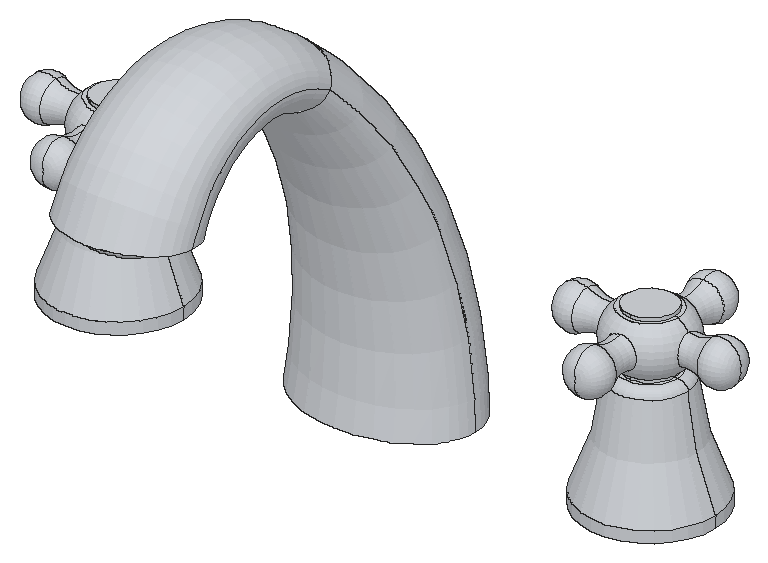
Revit family "01-0812-11 MEZCLADOR LAVAMANOS 8” CALIMA", category Plumbing Fixtures, host Face, Revit 2018
Family settings
  Host = Face
  Round Connector Dimension = Use Diameter
  Part Type = Normal
  OmniClass Number = 23.31.11.00
  Cut with Voids When Loaded = No
  Shared = No
  Room Calculation Point = No
Parameters (values of type "01-0812-11")
  Waste Water Outlet = ""
  Waste Connection = 1 = 0  # no
  Vent Connection = 1 = 0  # no
  URL = "https://www.gricol.com/"
  Type Image = MEZCLADOR LAVAMANOS 8” CALIMA.jpg
  Product Name = "MEZCLADOR LAVAMANOS 8” CALIMA\r"  # constant formula
  Plastico ABS Cromado = Plastico - ABS Cromado
  Model = "01-0812-11\r"  # constant formula
  Metal Laton Cromado = Metal Laton Cromado
  Manufacturer = "Gricol"  # constant formula
  Link ficha tecnica = "http://infotecnica.gricol.com/FT_01081211.pdf"
  HW Connection = 1 = 1  # yes
  Escudo = 50.00 mm
  Eje-Aireador = 124.00 mm
  Eje - Rosca = 203.20 mm
  Description = "Bimando baño"  # constant formula
  Default Elevation = 0.00 mm
  Date Modified = ""
  Date Created = "05/28/2020"  # constant formula
  Copyright = "All rights reserved © Gricol - 2020."  # constant formula
  CW Connection = 1 = 1  # yes
  Assembly Code = ""
  Ancho manija = 69.00 mm
  Alto manija = 68.20 mm
  Alto - Aireador = 110.00 mm
Reference planes
  plane 1 "Center (Front/Back)": y = 0
  plane 2: z = 0
  plane 3 "Center (Left/Right)": x = 0
  plane 4: z = 68.2
  plane 5: x = 136.1
  plane 6: x = 67.1
  plane 7: x = 101.6
  plane 8: x = -101.6
  plane 9: x = -76.6
  plane 10: x = -126.6
  plane 11: z = 110
  plane 12: y = -124
Dimensions and locks
  "Alto manija": plane 4 to level
  "Ancho manija": plane 6 to plane 5
  "Eje - Rosca": plane 7 to plane 8
  "Escudo": plane 10 to plane 9
  "Alto - Aireador": plane 11 to level
  "Eje-Aireador": plane 1 "Center (Front/Back)" to plane 12
  aligned and locked: plane 2 to host face
  aligned and locked: level to host face
Automatic sketch dimensions
  host sketch curve to host sketch curve = 473.069 mm
  host sketch curve to host sketch curve = 461.914 mm
Nested families
  nested 1: "MEZCLADOR LAVAMANOS 8” CALIMA" at (0, 0, 0), type "MEZCLADOR LAVAMANOS 8” CALIMA"
Connectors
  piping at (101.6, 0.857, -1.193), diameter 12.7
    settings: on nested 1, index 1, connector inside diameter 24", connector length 0.00 mm, flow factor 0, pipe flow 0 GPM, pressure drop 0.00 psi, fitting loss kfactor 0, connector angle 0.00°, fixture units 0, engagement length 0.00 mm, angle of deflection 0.00°, flow configuration 0, flow direction 0, fitting loss method 0, system type 20, joint type 0, gender type 0, connector reference index -1, connector utility 0, adjustable connector no, is connector primary yes, connector description ""
  piping at (-101.6, 0.857, -1.193), diameter 12.7
    settings: on nested 1, index 2, connector inside diameter 24", connector length 0.00 mm, flow factor 0, pipe flow 0 GPM, pressure drop 0.00 psi, fitting loss kfactor 0, connector angle 0.00°, fixture units 0, engagement length 0.00 mm, angle of deflection 0.00°, flow configuration 0, flow direction 0, fitting loss method 0, system type 19, joint type 0, gender type 0, connector reference index -1, connector utility 0, adjustable connector no, is connector primary no, connector description ""
Definition of nested family "MEZCLADOR LAVAMANOS 8” CALIMA"
  Parameters (values of type "MEZCLADOR LAVAMANOS 8” CALIMA")
    Material = none
  Reference planes
    plane 1 "Center (Front/Back)": y = 0
    plane 2: z = 0
    plane 3 "Center (Left/Right)": x = 0
    plane 4: x = 101.6
    plane 5: x = -101.6
    plane 6: x = 136.1
    plane 7: x = 67.1
    plane 8: y = -124
    plane 9: z = 68.2
    plane 10: z = 110
    plane 11: x = 126.6
    plane 12: x = 76.6
  Forms (mm)
    Extrusion 1, solid, material <- "Material"
      sketch origin (-0.862, 0, 0) x (0, 1, 0) y (1, 0, 0)
        loop
          circle (0.857, -101.288) r 3.935
        loop
          circle (0.857, 102.462) r 3.935
      from 0 to 1.193
    Extrusion 2, solid
      sketch origin (99.479, -0.855, -15.55) x (0, -1, 0) y (1, 0, 0)
        loop
          circle (-0.855, 2.121) r 9.136
      from 61.607 to 83.75
    Revolve 3, solid
      sketch origin (56.708, 0, 0) x (1, 0, 0) y (0, 0, -1)
        loop
          line (44.892, 0) -> (19.892, 0) -> (19.892, -4.365)
          arc (19.892, -4.365) -> (27.007, -23.215) -> (30.445, -43.067) r 106.491
          arc (30.445, -43.067) -> (31.902, -45.231) -> (34.372, -46.066) r 4.07
          line (34.372, -46.066) -> (44.892, -46.066) -> (44.892, 0)
        axis (44.892, 0) -> (44.892, -46.066)
      angle from 0 to 360
    Revolve 4, solid
      sketch origin (101.6, 0, -15.55) x (1, 0, 0) y (0, 0, 1)
        loop
          line (-9.246, 82.665) -> (-10.84, 82.665)
          arc (-10.84, 82.665) -> (-15.864, 73.165) -> (-10.84, 63.665) r 11.494
          line (-10.84, 63.665) -> (-9.246, 63.665) -> (-9.246, 82.665)
        axis (0, 63.665) -> (0, 82.665)
      angle from 0 to 360
    Revolve 5, solid
      sketch origin (-112.423, 0, 1197.49) x (-1, 0, 0) y (0, 0, -1)
        loop
          line (-204.706, 1139.875) -> (-204.706, 1132.465)
          arc (-204.706, 1132.465) -> (-197.353, 1134.38) -> (-190.002, 1132.456) r 15.043
          arc (-190.002, 1132.456) -> (-182.428, 1132.858) -> (-179.551, 1139.875) r 7.09
          line (-179.551, 1139.875) -> (-204.706, 1139.875)
        axis (-204.706, 1139.875) -> (-179.551, 1139.875)
      angle from 0 to 360
    Revolve 6, solid
      sketch origin (315.466, 0, 1197.49) x (1, 0, 0) y (0, 0, -1)
        loop
          line (-204.706, 1139.875) -> (-204.706, 1132.465)
          arc (-204.706, 1132.465) -> (-197.353, 1134.38) -> (-190.002, 1132.456) r 15.043
          arc (-190.002, 1132.456) -> (-182.428, 1132.858) -> (-179.551, 1139.875) r 7.09
          line (-179.551, 1139.875) -> (-204.706, 1139.875)
        axis (-204.706, 1139.875) -> (-179.551, 1139.875)
      angle from 0 to 360
    Revolve 7, solid
      sketch origin (101.6, -215.585, 1197.49) x (0, -1, 0) y (0, 0, -1)
        loop
          line (-204.706, 1139.875) -> (-204.706, 1132.465)
          arc (-204.706, 1132.465) -> (-197.353, 1134.38) -> (-190.002, 1132.456) r 15.043
          arc (-190.002, 1132.456) -> (-182.428, 1132.858) -> (-179.551, 1139.875) r 7.09
          line (-179.551, 1139.875) -> (-204.706, 1139.875)
        axis (-204.706, 1139.875) -> (-179.551, 1139.875)
      angle from 0 to 360
    Revolve 8, solid
      sketch origin (101.6, 215.585, 1197.49) x (0, 1, 0) y (0, 0, -1)
        loop
          line (-204.706, 1139.875) -> (-204.706, 1132.465)
          arc (-204.706, 1132.465) -> (-197.353, 1134.38) -> (-190.002, 1132.456) r 15.043
          arc (-190.002, 1132.456) -> (-182.428, 1132.858) -> (-179.551, 1139.875) r 7.09
          line (-179.551, 1139.875) -> (-204.706, 1139.875)
        axis (-204.706, 1139.875) -> (-179.551, 1139.875)
      angle from 0 to 360
    Extrusion 9, solid, not visible
      sketch origin (111.916, 114.688, -15.55) x (0, -1, 0) y (1, 0, 0)
        loop
          circle (-0.855, 2.121) r 9.136
      from 61.607 to 83.75
    Revolve 10, solid, not visible
      sketch origin (69.145, 115.543, 0) x (1, 0, 0) y (0, 0, -1)
        loop
          line (44.892, 0) -> (19.892, 0) -> (19.892, -4.365)
          arc (19.892, -4.365) -> (27.007, -23.215) -> (30.445, -43.067) r 106.491
          arc (30.445, -43.067) -> (31.902, -45.231) -> (34.372, -46.066) r 4.07
          line (34.372, -46.066) -> (44.892, -46.066) -> (44.892, 0)
        axis (44.892, 0) -> (44.892, -46.066)
      angle from 0 to 360
    Revolve 11, solid, not visible
      sketch origin (114.037, 115.543, -15.55) x (1, 0, 0) y (0, 0, 1)
        loop
          line (-9.246, 82.665) -> (-10.84, 82.665)
          arc (-10.84, 82.665) -> (-15.864, 73.165) -> (-10.84, 63.665) r 11.494
          line (-10.84, 63.665) -> (-9.246, 63.665) -> (-9.246, 82.665)
        axis (0, 63.665) -> (0, 82.665)
      angle from 0 to 360
    Revolve 12, solid, not visible
      sketch origin (-99.986, 115.543, 1197.49) x (-1, 0, 0) y (0, 0, -1)
        loop
          line (-204.706, 1139.875) -> (-204.706, 1132.465)
          arc (-204.706, 1132.465) -> (-197.353, 1134.38) -> (-190.002, 1132.456) r 15.043
          arc (-190.002, 1132.456) -> (-182.428, 1132.858) -> (-179.551, 1139.875) r 7.09
          line (-179.551, 1139.875) -> (-204.706, 1139.875)
        axis (-204.706, 1139.875) -> (-179.551, 1139.875)
      angle from 0 to 360
    Revolve 13, solid, not visible
      sketch origin (327.903, 115.543, 1197.49) x (1, 0, 0) y (0, 0, -1)
        loop
          line (-204.706, 1139.875) -> (-204.706, 1132.465)
          arc (-204.706, 1132.465) -> (-197.353, 1134.38) -> (-190.002, 1132.456) r 15.043
          arc (-190.002, 1132.456) -> (-182.428, 1132.858) -> (-179.551, 1139.875) r 7.09
          line (-179.551, 1139.875) -> (-204.706, 1139.875)
        axis (-204.706, 1139.875) -> (-179.551, 1139.875)
      angle from 0 to 360
    Revolve 14, solid, not visible
      sketch origin (114.037, -100.042, 1197.49) x (0, -1, 0) y (0, 0, -1)
        loop
          line (-204.706, 1139.875) -> (-204.706, 1132.465)
          arc (-204.706, 1132.465) -> (-197.353, 1134.38) -> (-190.002, 1132.456) r 15.043
          arc (-190.002, 1132.456) -> (-182.428, 1132.858) -> (-179.551, 1139.875) r 7.09
          line (-179.551, 1139.875) -> (-204.706, 1139.875)
        axis (-204.706, 1139.875) -> (-179.551, 1139.875)
      angle from 0 to 360
    Revolve 15, solid, not visible
      sketch origin (114.037, 331.128, 1197.49) x (0, 1, 0) y (0, 0, -1)
        loop
          line (-204.706, 1139.875) -> (-204.706, 1132.465)
          arc (-204.706, 1132.465) -> (-197.353, 1134.38) -> (-190.002, 1132.456) r 15.043
          arc (-190.002, 1132.456) -> (-182.428, 1132.858) -> (-179.551, 1139.875) r 7.09
          line (-179.551, 1139.875) -> (-204.706, 1139.875)
        axis (-204.706, 1139.875) -> (-179.551, 1139.875)
      angle from 0 to 360
    Extrusion 16, solid, material <- "Material"
      sketch origin (0.862, 0, 0) x (0, -1, 0) y (-1, 0, 0)
        loop
          circle (-0.857, -101.288) r 3.935
        loop
          circle (-0.857, 102.462) r 3.935
      from 0 to 1.193
    Extrusion 17, solid
      sketch origin (-99.479, 0.855, -15.55) x (0, 1, 0) y (-1, 0, 0)
        loop
          circle (-0.855, 2.121) r 9.136
      from 61.607 to 83.75
    Revolve 18, solid
      sketch origin (-56.708, 0, 0) x (-1, 0, 0) y (0, 0, -1)
        loop
          line (44.892, 0) -> (19.892, 0) -> (19.892, -4.365)
          arc (19.892, -4.365) -> (27.007, -23.215) -> (30.445, -43.067) r 106.491
          arc (30.445, -43.067) -> (31.902, -45.231) -> (34.372, -46.066) r 4.07
          line (34.372, -46.066) -> (44.892, -46.066) -> (44.892, 0)
        axis (44.892, 0) -> (44.892, -46.066)
      angle from 0 to 360
    Revolve 19, solid
      sketch origin (-101.6, 0, -15.55) x (-1, 0, 0) y (0, 0, 1)
        loop
          line (-9.246, 82.665) -> (-10.84, 82.665)
          arc (-10.84, 82.665) -> (-15.864, 73.165) -> (-10.84, 63.665) r 11.494
          line (-10.84, 63.665) -> (-9.246, 63.665) -> (-9.246, 82.665)
        axis (0, 63.665) -> (0, 82.665)
      angle from 0 to 360
    Revolve 20, solid
      sketch origin (112.423, 0, 1197.49) x (1, 0, 0) y (0, 0, -1)
        loop
          line (-204.706, 1139.875) -> (-204.706, 1132.465)
          arc (-204.706, 1132.465) -> (-197.353, 1134.38) -> (-190.002, 1132.456) r 15.043
          arc (-190.002, 1132.456) -> (-182.428, 1132.858) -> (-179.551, 1139.875) r 7.09
          line (-179.551, 1139.875) -> (-204.706, 1139.875)
        axis (-204.706, 1139.875) -> (-179.551, 1139.875)
      angle from 0 to 360
    Revolve 21, solid
      sketch origin (-315.466, 0, 1197.49) x (-1, 0, 0) y (0, 0, -1)
        loop
          line (-204.706, 1139.875) -> (-204.706, 1132.465)
          arc (-204.706, 1132.465) -> (-197.353, 1134.38) -> (-190.002, 1132.456) r 15.043
          arc (-190.002, 1132.456) -> (-182.428, 1132.858) -> (-179.551, 1139.875) r 7.09
          line (-179.551, 1139.875) -> (-204.706, 1139.875)
        axis (-204.706, 1139.875) -> (-179.551, 1139.875)
      angle from 0 to 360
    Revolve 22, solid
      sketch origin (-101.6, 215.585, 1197.49) x (0, 1, 0) y (0, 0, -1)
        loop
          line (-226.464, 1139.875) -> (-251.619, 1139.875)
          arc (-251.619, 1139.875) -> (-248.742, 1132.858) -> (-241.168, 1132.456) r 7.09
          arc (-241.168, 1132.456) -> (-233.817, 1134.38) -> (-226.464, 1132.465) r 15.043
          line (-226.464, 1132.465) -> (-226.464, 1139.875)
        axis (-226.464, 1139.875) -> (-251.619, 1139.875)
      angle from 0 to 360
    Revolve 23, solid
      sketch origin (-101.6, -215.585, 1197.49) x (0, -1, 0) y (0, 0, -1)
        loop
          line (-226.464, 1139.875) -> (-251.619, 1139.875)
          arc (-251.619, 1139.875) -> (-248.742, 1132.858) -> (-241.168, 1132.456) r 7.09
          arc (-241.168, 1132.456) -> (-233.817, 1134.38) -> (-226.464, 1132.465) r 15.043
          line (-226.464, 1132.465) -> (-226.464, 1139.875)
        axis (-226.464, 1139.875) -> (-251.619, 1139.875)
      angle from 0 to 360
  Dimensions and locks
    plane 5 to plane 4 = 203.20 mm
    plane 5 to plane 3 "Center (Left/Right)" = 101.60 mm
    locked: plane 4 to plane 5 at 203.2
    plane 4 to plane 3 "Center (Left/Right)" = 101.60 mm
    locked: plane 7 to plane 6 at 69
    plane 6 to plane 4 = 34.50 mm
    plane 4 to plane 5 = 203.20 mm
    plane 1 "Center (Front/Back)" to plane 8 = 124.00 mm
    plane 9 to level = 68.20 mm  (x2)
    plane 10 to level = 110.00 mm
    locked: plane 11 to plane 12 at 50
    plane 11 to plane 4 = 25.00 mm
    aligned and locked: plane 2 to level
  Nested families
    nested 1: "BRAZO 8” CALIMA" at (0, 0, 0), type "BRAZO 8” CALIMA"
  Definition of nested family "BRAZO 8” CALIMA"
    Reference planes
      plane 1 "Center (Front/Back)": y = 0
      plane 2: z = 0
      plane 3 "Center (Left/Right)": x = 0
      plane 4: z = 147.126
      plane 5: z = 110
      plane 6: y = -124
    Forms (mm)
      SweptBlend 1, solid
        path origin (0, 3.125, 28.125) x (0, 1, 0) y (0, 0, 1)
          loop
            arc (-60.657, 105.207) -> (-13.727, 41.348) -> (-3.125, -37.189) r 160.292
        profile origin (0, -57.532, 133.332) x (0, 0.634404, 0.773001) y (1, 0, 0)
          loop
            spline (5.296, -20.658) -> (8.361, -19.954) -> (11.217, -17.891) -> (13.67, -14.608) -> (15.552, -10.329) -> (16.735, -5.347) -> (17.139, 0) -> (16.735, 5.347) -> (15.552, 10.329) -> (13.67, 14.608) -> (11.217, 17.891) -> (8.361, 19.954) -> (5.296, 20.658)
            spline (5.296, 20.658) -> (2.23, 19.954) -> (-0.626, 17.891) -> (-3.079, 14.608) -> (-4.961, 10.329) -> (-6.144, 5.347) -> (-6.548, 0) -> (-6.144, -5.347) -> (-4.961, -10.329) -> (-3.079, -14.608) -> (-0.626, -17.891) -> (2.23, -19.954) -> (5.296, -20.658)
        end profile origin (0, 0, -9.064) x (0, 0.993324, -0.115356) y (1, 0, 0)
          loop
            spline (0, -35) -> (6.47, -33.807) -> (12.5, -30.311) -> (17.678, -24.749) -> (21.651, -17.5) -> (24.148, -9.059) -> (25, 0) -> (24.148, 9.059) -> (21.651, 17.5) -> (17.678, 24.749) -> (12.5, 30.311) -> (6.47, 33.807) -> (0, 35)
            spline (0, 35) -> (-6.47, 33.807) -> (-12.5, 30.311) -> (-17.678, 24.749) -> (-21.651, 17.5) -> (-24.148, 9.059) -> (-25, 0) -> (-24.148, -9.059) -> (-21.651, -17.5) -> (-17.678, -24.749) -> (-12.5, -30.311) -> (-6.47, -33.807) -> (0, -35)
      Revolve 2, solid
        sketch origin (0, -121.687, 114.18) x (0, 0.087156, 0.996195) y (-1, 0, 0)
          loop
            line (3.079, 0) -> (3.079, 16.032) -> (-3.632, 16.032)
            arc (-3.632, 16.032) -> (-4.348, 15.841) -> (-4.871, 15.317) r 1.431
            line (-4.871, 15.317) -> (-4.871, 14.488) -> (-2.956, 14.488)
            arc (-2.956, 14.488) -> (-2.691, 14.223) -> (-2.956, 13.958) r 0.265
            line (-2.956, 13.958) -> (-4.16, 13.958)
            arc (-4.16, 13.958) -> (-4.559, 13.419) -> (-3.926, 13.196) r 0.417
            line (-3.926, 13.196) -> (-3.926, 0) -> (3.079, 0)
          axis (3.079, 0) -> (-4.871, 0)
        angle from 0 to 360
      SweptBlend 3, solid
        path origin (-17.832, 0, 1226.075) x (0, 1, 0) y (0, 0, 1)
          loop
            arc (-124, -1117.764) -> (-92.86, -1085.076) -> (-48.453, -1093.217) r 47.478
        profile origin (-17.832, -124, 108.311) x (0, -0.964913, 0.262572) y (1, 0, 0)
          loop
            spline (0, -7.168) -> (5.176, -6.317) -> (10, -3.819) -> (14.142, 0.154) -> (17.321, 5.332) -> (19.319, 11.361) -> (20, 17.832) -> (19.319, 24.302) -> (17.321, 30.332) -> (14.142, 35.509) -> (10, 39.482) -> (5.176, 41.98) -> (0, 42.832)
            spline (0, 42.832) -> (-5.176, 41.98) -> (-10, 39.482) -> (-14.142, 35.509) -> (-17.321, 30.332) -> (-19.319, 24.302) -> (-20, 17.832) -> (-19.319, 11.361) -> (-17.321, 5.332) -> (-14.142, 0.154) -> (-10, -3.819) -> (-5.176, -6.317) -> (0, -7.168)
        end profile origin (-17.832, -48.453, 132.858) x (0, 0.626295, 0.779586) y (1, 0, 0)
          loop
            spline (0, 38.49) -> (-3.065, 37.784) -> (-5.923, 35.723) -> (-8.374, 32.439) -> (-10.245, 28.146) -> (-11.429, 23.161) -> (-11.843, 17.832) -> (-11.429, 12.502) -> (-10.245, 7.518) -> (-8.374, 3.224) -> (-5.923, -0.06) -> (-3.065, -2.121) -> (0, -2.827)
            spline (0, -2.827) -> (3.065, -2.121) -> (5.923, -0.06) -> (8.374, 3.224) -> (10.245, 7.518) -> (11.429, 12.502) -> (11.843, 17.832) -> (11.429, 23.161) -> (10.245, 28.146) -> (8.374, 32.439) -> (5.923, 35.723) -> (3.065, 37.784) -> (0, 38.49)
      Extrusion 4, void
        sketch origin (-17.832, 0, 1224.825) x (0, 1, 0) y (0, 0, 1)
          loop
            line (-148.241, -1109.2) -> (-148.241, -1127.447) -> (-90.819, -1127.447) -> (-90.819, -1114.224) -> (-148.241, -1109.2)
        from -22.291 to 82.375
      Extrusion 5, void
        sketch origin (-17.832, 120.709, 1110.07) x (0, 1, 0) y (0, 0, 1)
          loop
            line (-148.241, -1110.07) -> (-148.241, -1135.07) -> (-90.819, -1135.07) -> (-90.819, -1110.07) -> (-148.241, -1110.07)
        from -22.291 to 82.375
    Cuts and joins
      Extrusion 5 cuts SweptBlend 1
      Extrusion 4, Extrusion 5 cuts SweptBlend 3
      joined: SweptBlend 1, SweptBlend 3
      Extrusion 5 cuts Revolve 2
    Dimensions and locks
      plane 1 "Center (Front/Back)" to plane 6 = 124.00 mm
      level to plane 5 = 110.00 mm
      aligned and locked: plane 2 to level
